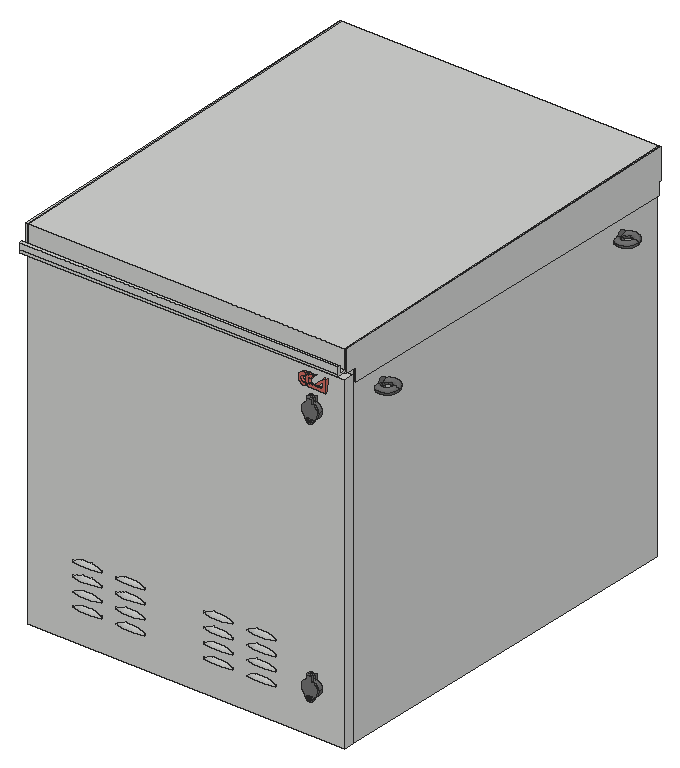
Revit family "Шкафы климатические навесные (с крышей)", category Обобщенные модели, Revit 2019
Family settings
  Может служить основой для арматурных стержней = Нет
  Размер круглого соединителя = Использовать диаметр
  Тип детали = Нормальный
  На основе рабочей плоскости = Нет
  Всегда вертикально = Да
  При загрузке вырезать с полостями = Нет
  Общий = Нет
  Точка расчета площади = Нет
Parameters (values of type "ШКТ-НВ-2-15U (700х800мм)")
  Толщина 5 = 5 mm  # constant formula
  Толщина 4 = 4 mm  # constant formula
  Толщина 25 = 25 mm  # constant formula
  Толщина 2 = 2 mm  # constant formula
  Толщина -4 = -4 mm  # constant formula
  Смещение от уровня [instance] = 300 mm
  Описание = "Шкаф климатический телекоммуникационный навесной ШКТ-НВ-2-15U-600-800 с крышей ССД"
  Ноль = 0 mm  # constant formula
  Материал крепежей = Металл черный
  Материал букв = Металл красный
  Материал Каркаса = RAL 7035
  ADSK_Этаж [instance] = ""
  ADSK_Размер_Ширина = 700 mm
  ADSK_Размер_Глубина = 859 mm
  ADSK_Размер_Высота = 810 mm
  ADSK_Примечание [instance] = ""
  ADSK_Предел огнестойкости = ""
  ADSK_Позиция [instance] = ""
  ADSK_Обозначение = ""
  ADSK_Наименование краткое = "ШКТ-НВ-2-15U (700х800мм)"
  ADSK_Наименование = "Шкаф климатический телекоммуникационный навесной ШКТ-НВ-2-15U-600-800 с крышей ССД"
  ADSK_Масса_Текст = ""
  ADSK_Марка [instance] = ""
  ADSK_Количество [instance] = 1  # constant formula
  ADSK_Код изделия = "130411-00898"
  ADSK_Зона = ""
  ADSK_Завод-изготовитель = "АО СВЯЗЬСТРОЙДЕТАЛЬ"  # constant formula
  ADSK_Единица измерения = "шт"  # constant formula
  ADSK_URL страницы изделия = "Шкаф климатический телекоммуникационный навесной ШКТ-НВ-2-15U-600-800 с крышей ССД ( 130411-00898 ) (ssd.ru)"
  ADSK_URL документации изделия = "sert_shkt.PDF (ssd.ru)"
Types (9, lengths in mm): name | Описание | ADSK_Размер_Глубина | ADSK_Размер_Высота | ADSK_Наименование краткое | ADSK_Наименование | ADSK_Код изделия | ADSK_URL страницы изделия
  ШКТ-НВ-2-12U (700х500 мм) | "Шкаф климатический телекоммуникационный навесной ШКТ-НВ-2-12U-600-500 с крышей ССД" | 559 | 677 | "ШКТ-НВ-2-12U (700х500мм)" | "Шкаф климатический телекоммуникационный навесной ШКТ-НВ-2-12U-600-500 с крышей ССД" | "130411-00890" | "Шкаф климатический телекоммуникационный навесной ШКТ-НВ-2-12U-600-500 с крышей ССД ( 130411-00890 ) (ssd.ru)"
  ШКТ-НВ-2-12U (700х600 мм) | "Шкаф климатический телекоммуникационный навесной ШКТ-НВ-2-12U-600-600 с крышей ССД" | 659 | 677 | "ШКТ-НВ-2-12U (700х600мм)" | "Шкаф климатический телекоммуникационный навесной ШКТ-НВ-2-12U-600-600 с крышей ССД" | "130411-00891" | "Шкаф климатический телекоммуникационный навесной ШКТ-НВ-2-12U-600-600 с крышей ССД ( 130411-00891 ) (ssd.ru)"
  ШКТ-НВ-2-12U (700х800 мм) | "Шкаф климатический телекоммуникационный навесной ШКТ-НВ-2-12U-600-800 с крышей ССД" | 859 | 677 | "ШКТ-НВ-2-12U (700х800мм)" | "Шкаф климатический телекоммуникационный навесной ШКТ-НВ-2-12U-600-800 с крышей ССД" | "130411-00896" | "Шкаф климатический телекоммуникационный навесной ШКТ-НВ-2-12U-600-800 с крышей ССД ( 130411-00896 ) (ssd.ru)"
  ШКТ-НВ-2-15U (700х500мм) | "Шкаф климатический телекоммуникационный навесной ШКТ-НВ-2-15U-600-500 с крышей ССД" | 559 | 810 | "ШКТ-НВ-2-15U (700х500мм)" | "Шкаф климатический телекоммуникационный навесной ШКТ-НВ-2-15U-600-500 с крышей ССД" | "130411-00892" | "Шкаф климатический телекоммуникационный навесной ШКТ-НВ-2-15U-600-500 с крышей ССД ( 130411-00892 ) (ssd.ru)"
  ШКТ-НВ-2-15U (700х600мм) | "Шкаф климатический телекоммуникационный навесной ШКТ-НВ-2-15U-600-600 с крышей ССД" | 659 | 810 | "ШКТ-НВ-2-15U (700х600мм)" | "Шкаф климатический телекоммуникационный навесной ШКТ-НВ-2-15U-600-600 с крышей ССД" | "130411-00893" | "Шкаф климатический телекоммуникационный навесной ШКТ-НВ-2-15U-600-600 с крышей ССД ( 130411-00893 ) (ssd.ru)"
  ШКТ-НВ-2-15U (700х800мм) | "Шкаф климатический телекоммуникационный навесной ШКТ-НВ-2-15U-600-800 с крышей ССД" | 859 | 810 | "ШКТ-НВ-2-15U (700х800мм)" | "Шкаф климатический телекоммуникационный навесной ШКТ-НВ-2-15U-600-800 с крышей ССД" | "130411-00898" | "Шкаф климатический телекоммуникационный навесной ШКТ-НВ-2-15U-600-800 с крышей ССД ( 130411-00898 ) (ssd.ru)"
  ШКТ-НВ-2-18U (700х500мм) | "Шкаф климатический телекоммуникационный навесной ШКТ-НВ-2-18U-600-500 с крышей ССД" | 559 | 943 | "ШКТ-НВ-2-18U (700х500мм)" | "Шкаф климатический телекоммуникационный навесной ШКТ-НВ-2-18U-600-500 с крышей ССД" | "130411-00894" | "Шкаф климатический телекоммуникационный навесной ШКТ-НВ-2-18U-600-500 с крышей ССД ( 130411-00894 ) (ssd.ru)"
  ШКТ-НВ-2-18U (700х600мм) | "Шкаф климатический телекоммуникационный навесной ШКТ-НВ-2-18U-600-600 с крышей ССД" | 659 | 943 | "ШКТ-НВ-2-18U (700х600мм)" | "Шкаф климатический телекоммуникационный навесной ШКТ-НВ-2-18U-600-600 с крышей ССД" | "130411-00895" | "Шкаф климатический телекоммуникационный навесной ШКТ-НВ-2-18U-600-600 с крышей ССД ( 130411-00895 ) (ssd.ru)"
  ШКТ-НВ-2-18U (700х800мм) | "Шкаф климатический телекоммуникационный навесной ШКТ-НВ-2-18U-600-800 с крышей ССД" | 853 | 943 | "ШКТ-НВ-2-18U (700х800мм)" | "Шкаф климатический телекоммуникационный навесной ШКТ-НВ-2-18U-600-800 с крышей ССД" | "130411-00897" | "Шкаф климатический телекоммуникационный навесной ШКТ-НВ-2-18U-600-800 с крышей ССД ( 130411-00897 ) (ssd.ru)"
Reference planes
  plane 1 "тттт": y = 0
  plane 2: z = 0
  plane 3 "УУУУ": x = 0
  plane 4: y = -158
  plane 5: y = 158
  plane 6 "4": y = 429.5
  plane 7: y = -429.5
  plane 8 "1": x = -350
  plane 9 "2": x = 350
  plane 10 "ЕПП": z = 300
  plane 11: z = 1110
  plane 12 "ЕП": z = 1042
  plane 13: y = -407.5
  plane 14 "3": y = -404.5
  plane 15: z = 1089
  plane 16: z = 1015
  plane 17: z = 976
  plane 18: y = -329.5
  plane 19: y = 329.5
  plane 20: x = -218
  plane 21: x = -123
  plane 22: x = 166
  plane 23: x = 281
  plane 24: x = 71
  plane 25: z = 368
  plane 26: z = 398
  plane 27: z = 428
  plane 28: z = 458
  plane 29: z = 946
Forms (mm)
  Extrusion 1, void, not visible, detail levels fine
    sketch origin (-20, 0, 0) x (1, 0, 0) y (0, 0, 1)
      loop
        arc (-281.999, 290) -> (-261.999, 270) -> (-241.999, 290) r 20
        line (-241.999, 290) -> (-241.999, 370)
        arc (-241.999, 370) -> (-261.999, 390) -> (-281.999, 370) r 20
        line (-281.999, 370) -> (-281.999, 290)
    from 90 to 190
  Extrusion 2, void, not visible
    sketch origin (-20, 0, 225) x (1, 0, 0) y (0, 0, 1)
      loop
        circle (-261.999, 215) r 6.5
    from 90 to 190
  Extrusion 3, void, not visible, detail levels fine
    sketch origin (20, 0, 0) x (-1, 0, 0) y (0, 0, -1)
      loop
        line (-281.999, -290) -> (-281.999, -370)
        arc (-281.999, -370) -> (-261.999, -390) -> (-241.999, -370) r 20
        line (-241.999, -370) -> (-241.999, -290)
        arc (-241.999, -290) -> (-261.999, -270) -> (-281.999, -290) r 20
    from 90 to 190
  Extrusion 4, void, not visible
    sketch origin (20, 0, 225) x (-1, 0, 0) y (0, 0, -1)
      loop
        circle (-261.999, -215) r 6.5
    from 90 to 190
  Extrusion 5, void, not visible
    sketch origin (0, 0, 220) x (0, 1, 0) y (0, 0, 1)
      loop
        circle (-102, 220) r 3.036
      loop
        circle (-172.959, 220) r 3.036
      loop
        circle (-122, 237) r 3.036
      loop
        circle (-157.959, 237) r 3.036
      loop
        circle (-121.964, 203) r 3.036
      loop
        circle (-158.036, 203) r 3.036
      loop
        arc (-162.48, 75) -> (-137.48, 50) -> (-112.48, 75) r 25
        line (-112.48, 75) -> (-112.48, 145)
        arc (-112.48, 145) -> (-137.48, 170) -> (-162.48, 145) r 25
        line (-162.48, 145) -> (-162.48, 75)
    from -312 to 312
  Extrusion 6, solid, material "RAL 7035" <- "Материал Каркаса", detail levels medium+fine
    sketch origin (-350, 0, 0) x (0, 1, 0) y (0, 0, 1)
      loop
        line (429.5, 1042) -> (-404.5, 1042) -> (-404.5, 300) -> (429.5, 300) -> (429.5, 1042)
    from 0 to 4 <- "Толщина 4"
  Extrusion 7, solid, material "RAL 7035" <- "Материал Каркаса", detail levels medium+fine
    sketch origin (-350, 0, 0) x (0, 1, 0) y (0, 0, 1)
      loop
        line (429.5, 1015) -> (429.5, 1042) -> (434.5, 1042) -> (434.5, 1110.233) -> (-429.5, 1089) -> (-429.5, 1042) -> (-404.5, 1042) -> (-404.5, 1015) -> (429.5, 1015)
    from 0 to -4 <- "Толщина -4"
  Extrusion 8, solid, material "RAL 7035" <- "Материал Каркаса", detail levels medium+fine
    sketch origin (350, 0, 0) x (0, 1, 0) y (0, 0, 1)
      loop
        line (429.5, 300) -> (429.5, 1042) -> (-404.5, 1042) -> (-404.5, 300) -> (429.5, 300)
    from 0 to -4 <- "Толщина -4"
  Extrusion 9, solid, material "RAL 7035" <- "Материал Каркаса", detail levels medium+fine
    sketch origin (350, 0, 0) x (0, 1, 0) y (0, 0, 1)
      loop
        line (-404.5, 1042) -> (-404.5, 1015) -> (429.5, 1015) -> (429.5, 1042) -> (434.5, 1042) -> (434.5, 1110) -> (-429.5, 1089) -> (-429.5, 1042) -> (-404.5, 1042)
    from 0 to 4 <- "Толщина 4"
  Extrusion 10, solid, material "RAL 7035" <- "Материал Каркаса", detail levels medium+fine
    sketch origin (-350, 0, 0) x (0, 1, 0) y (0, 0, 1)
      loop
        line (434.5, 1042) -> (434.5, 1110.233) -> (-429.5, 1089) -> (-429.5, 1047) -> (-445.5, 1047) -> (-445.5, 1062) -> (-450.5, 1062) -> (-450.5, 1047) -> (-450.5, 1042) -> (-424.5, 1042) -> (-424.5, 1084.121) -> (429.5, 1105.109) -> (429.5, 1042) -> (434.5, 1042)
    from 0 to 700
  Extrusion 11, solid, material "RAL 7035" <- "Материал Каркаса", detail levels medium+fine
    sketch origin (0, 0, 0) x (1, 0, 0) y (0, 0, 1)
      loop
        line (-350, 1028) -> (-350, 300) -> (350, 300) -> (350, 1028) -> (-350, 1028)
    from 407.5 to 429.5
  Extrusion 12, solid, material "RAL 7035" <- "Материал Каркаса", detail levels medium+fine
    sketch origin (0, -404.5, 0) x (0, 0, 1) y (-1, 0, 0)
      loop
        line (1042, 354) -> (1015, 354) -> (1015, -354) -> (1042, -354) -> (1042, 354)
    from 0 to 2 <- "Толщина 2"
  Extrusion 13, solid, material "RAL 7035" <- "Материал Каркаса", detail levels medium+fine
    sketch origin (0, 429.5, 0) x (-1, 0, 0) y (0, 0, 1)
      loop
        line (350, 300) -> (350, 1042) -> (-350, 1042) -> (-350, 300) -> (350, 300)
    from 0 to -4 <- "Толщина -4"
  Extrusion 14, solid, material "RAL 7035" <- "Материал Каркаса", detail levels medium+fine
    sketch origin (0, 0, 300) x (-1, 0, 0) y (0, -1, 0)
      loop
        line (-350, -429.5) -> (350, -429.5) -> (350, 404.5) -> (-350, 404.5) -> (-350, -429.5)
    from 0 to 4 <- "Толщина 4"
  Extrusion 15, solid, material "Металл белый", detail levels coarse
    sketch origin (0, 0, 0) x (1, 0, 0) y (0, 1, 0)
      loop
        line (-350, 429.5) -> (-350, -429.5) -> (350, -429.5) -> (350, 429.5) -> (-350, 429.5)
    from 300 to 1110
Cuts and joins
  joined: Extrusion 7, Extrusion 9, Extrusion 12
  joined: Extrusion 6, Extrusion 8, Extrusion 13, Extrusion 14
Dimensions and locks
  equal spacing: plane 8 "1", plane 3 "УУУУ", plane 9 "2"
  equal spacing: plane 6 "4", plane 1 "тттт", plane 7
  "ADSK_Размер_Глубина": plane 6 "4" to plane 7
  "ADSK_Размер_Ширина": plane 8 "1" to plane 9 "2"
  "Смещение от уровня": plane 10 "ЕПП" to level
  "ADSK_Размер_Высота": plane 10 "ЕПП" to plane 11
  locked: plane 12 "ЕП" to plane 11 at 68
  locked: plane 13 to plane 7 at 22
  locked: plane 14 "3" to plane 13 at 3
  locked: plane 12 "ЕП" to plane 15 at 47
  locked: plane 16 to plane 12 "ЕП" at 27
  locked: plane 17 to plane 16 at 39
  locked: plane 6 "4" to plane 19 at 100
  locked: plane 18 to plane 7 at 100
  locked: Extrusion 7 sketch curve to plane 6 "4" at 5
  locked: Extrusion 9 sketch curve to plane 6 "4" at 5
  Extrusion 7 to plane 6 "4" = 5 mm
  "Толщина 5": Extrusion 10 sketch curve to Extrusion 7  (x2)
  "Толщина 5": Extrusion 7 to Extrusion 10 sketch curve
  "Толщина 5": Extrusion 10 sketch curve to Extrusion 10 sketch curve  (x3)
  "Толщина 5": Extrusion 10 sketch curve to plane 6 "4"
  locked: Extrusion 10 sketch curve to Extrusion 10 sketch curve at 5
  locked: Extrusion 10 sketch curve to Extrusion 10 sketch curve at 15
  locked: plane 12 "ЕП" to Extrusion 11 sketch curve at 14
  locked: plane 20 to plane 8 "1" at 132
  locked: plane 21 to plane 20 at 95
  locked: plane 9 "2" to plane 23 at 69
  locked: plane 23 to plane 22 at 115
  locked: plane 22 to plane 24 at 95
  locked: plane 25 to plane 10 "ЕПП" at 68
  locked: plane 26 to plane 25 at 30
  locked: plane 27 to plane 26 at 30
  locked: plane 28 to plane 27 at 30
  locked: plane 17 to plane 29 at 30
  aligned and locked: level to plane 2
  aligned and locked: Extrusion 6 sketch curve to plane 12 "ЕП"
  aligned and locked: plane 6 "4" to Extrusion 6 sketch curve
  aligned and locked: plane 10 "ЕПП" to Extrusion 6 sketch curve
  aligned and locked: plane 14 "3" to Extrusion 6 sketch curve
  aligned and locked: Extrusion 6 to plane 8 "1"
  aligned and locked: plane 7 to Extrusion 7 sketch curve
  aligned and locked: Extrusion 7 sketch curve to plane 14 "3"
  aligned and locked: plane 12 "ЕП" to Extrusion 7 sketch curve  (x2)
  aligned and locked: plane 16 to Extrusion 7 sketch curve
  aligned and locked: Extrusion 7 sketch curve to plane 15
  aligned and locked: plane 8 "1" to Extrusion 7
  aligned and locked: plane 12 "ЕП" to Extrusion 8 sketch curve
  aligned and locked: Extrusion 8 sketch curve to plane 6 "4"
  aligned and locked: plane 14 "3" to Extrusion 8 sketch curve
  aligned and locked: plane 10 "ЕПП" to Extrusion 8 sketch curve
  aligned and locked: plane 9 "2" to Extrusion 8
  aligned and locked: Extrusion 9 sketch curve to plane 15
  aligned and locked: Extrusion 9 sketch curve to plane 7
  aligned and locked: Extrusion 9 sketch curve to plane 12 "ЕП"
  aligned and locked: plane 6 "4" to Extrusion 9 sketch curve
  aligned and locked: Extrusion 9 sketch curve to plane 16
  aligned and locked: Extrusion 9 sketch curve to plane 14 "3"
  aligned and locked: plane 12 "ЕП" to Extrusion 9 sketch curve
  aligned and locked: Extrusion 9 to plane 9 "2"
  aligned and locked: Extrusion 7 sketch curve to plane 6 "4"
  aligned and locked: plane 9 "2" to Extrusion 10
  aligned and locked: Extrusion 10 to plane 8 "1"
  aligned and locked: Extrusion 10 sketch curve to plane 15
  aligned and locked: plane 12 "ЕП" to Extrusion 10 sketch curve
  aligned and locked: Extrusion 10 sketch curve to plane 12 "ЕП"
  aligned and locked: Extrusion 11 sketch curve to plane 10 "ЕПП"
  aligned and locked: Extrusion 11 sketch curve to plane 9 "2"
  aligned and locked: plane 8 "1" to Extrusion 11 sketch curve
  aligned and locked: plane 7 to Extrusion 11
  aligned and locked: Extrusion 11 to plane 13
  aligned and locked: Extrusion 12 sketch curve to Extrusion 9
  aligned and locked: Extrusion 12 sketch curve to Extrusion 7
  aligned and locked: plane 12 "ЕП" to Extrusion 12 sketch curve
  aligned and locked: Extrusion 12 sketch curve to plane 16
  aligned and locked: Extrusion 12 to plane 14 "3"
  aligned and locked: Extrusion 13 sketch curve to Extrusion 6  (x2)
  aligned and locked: Extrusion 13 sketch curve to Extrusion 10
  aligned and locked: Extrusion 13 sketch curve to Extrusion 8
  aligned and locked: Extrusion 13 to plane 6 "4"
  aligned and locked: plane 6 "4" to cut or joined group of Extrusion 6, Extrusion 8, Extrusion 13, Extrusion 14
  aligned and locked: Extrusion 14 sketch curve to cut or joined group of Extrusion 6, Extrusion 8, Extrusion 13, Extrusion 14  (x2)
  aligned and locked: Extrusion 11 to Extrusion 14 sketch curve
  aligned and locked: Extrusion 14 sketch curve to plane 14 "3"
  aligned and locked: plane 10 "ЕПП" to Extrusion 14
  aligned and locked: plane 8 "1" to nested 1
  aligned and locked: plane 9 "2" to nested 3
  aligned and locked: plane 9 "2" to nested 2
  aligned and locked: plane 19 to nested 1
  aligned and locked: plane 17 to nested 1
  aligned and locked: plane 17 to nested 4
  aligned and locked: nested 3 to plane 19
  aligned and locked: nested 2 to plane 18
  aligned and locked: nested 2 to plane 17
  aligned and locked: nested 3 to plane 17
  aligned and locked: plane 7 to nested 9
  aligned and locked: plane 7 to nested 8
  aligned and locked: plane 7 to nested 7
  aligned and locked: plane 7 to nested 6
  aligned and locked: plane 7 to nested 5
  aligned and locked: plane 25 to nested 5
  aligned and locked: nested 5 to plane 25
  aligned and locked: plane 20 to nested 5
  aligned and locked: plane 21 to nested 6
  aligned and locked: plane 24 to nested 7
  aligned and locked: plane 22 to nested 8
  aligned and locked: plane 23 to nested 9
  aligned and locked: plane 26 to nested 9
  aligned and locked: plane 25 to nested 6
  aligned and locked: plane 25 to nested 7
  aligned and locked: plane 25 to nested 8
  aligned and locked: plane 20 to nested 10
  aligned and locked: plane 20 to nested 14
  aligned and locked: plane 20 to nested 18
  aligned and locked: plane 21 to nested 19
  aligned and locked: plane 21 to nested 15
  aligned and locked: plane 21 to nested 11
  aligned and locked: plane 24 to nested 20
  aligned and locked: plane 24 to nested 16
  aligned and locked: plane 24 to nested 12
  aligned and locked: plane 22 to nested 21
  aligned and locked: plane 22 to nested 17
  aligned and locked: plane 22 to nested 13
  aligned and locked: plane 26 to nested 10
  aligned and locked: plane 26 to nested 11
  aligned and locked: plane 26 to nested 12
  aligned and locked: plane 26 to nested 13
  aligned and locked: plane 27 to nested 14
  aligned and locked: plane 27 to nested 15
  aligned and locked: plane 27 to nested 16
  aligned and locked: plane 27 to nested 17
  aligned and locked: plane 28 to nested 18
  aligned and locked: plane 28 to nested 19
  aligned and locked: plane 28 to nested 20
  aligned and locked: plane 28 to nested 21
  aligned and locked: plane 7 to nested 18
  aligned and locked: plane 7 to nested 19
  aligned and locked: plane 7 to nested 20
  aligned and locked: plane 7 to nested 21
  aligned and locked: plane 7 to nested 14
  aligned and locked: plane 7 to nested 15
  aligned and locked: plane 7 to nested 16
  aligned and locked: plane 7 to nested 17
  aligned and locked: plane 7 to nested 10
  aligned and locked: plane 7 to nested 11
  aligned and locked: plane 7 to nested 12
  aligned and locked: plane 7 to nested 13
  aligned and locked: plane 23 to nested 22
  aligned and locked: plane 8 "1" to nested 4
  aligned and locked: plane 7 to nested 22
  aligned and locked: plane 18 to nested 4
  aligned and locked: nested 1 to plane 19
  aligned and locked: plane 7 to nested 23
  aligned and locked: plane 29 to nested 22
  aligned and locked: plane 23 to nested 23
  aligned and locked: plane 16 to nested 23
  aligned and locked: Extrusion 15 sketch curve to plane 6 "4"
  aligned and locked: Extrusion 15 sketch curve to cut or joined group of Extrusion 6, Extrusion 8, Extrusion 13, Extrusion 14
  aligned and locked: Extrusion 15 sketch curve to Extrusion 10  (x2)
  aligned and locked: Extrusion 15 to plane 11
  aligned and locked: plane 10 "ЕПП" to Extrusion 15
Automatic sketch dimensions
  plane 11 to Extrusion 9 sketch curve = 0 mm
  Extrusion 7 sketch curve to plane 11 = 0.233 mm
  plane 7 to Extrusion 10 sketch curve = 16 mm
  Extrusion 10 sketch curve to Extrusion 10 sketch curve = 5 mm
Nested families
  nested 1: "Кольцо" at (-363.034, 329.5, 976), Материал <- "Материал крепежей", type "Кольцо", detail levels fine
    with Материал Металл черный
  nested 2: "Кольцо" at (363.034, -329.5, 976) x (-1, 0, 0) z (0, 0, 1), Материал <- "Материал крепежей", type "Кольцо", detail levels fine
    with Материал Металл черный
  nested 3: "Кольцо" at (363.034, 329.5, 976) x (-1, 0, 0) z (0, 0, 1), Материал <- "Материал крепежей", type "Кольцо", detail levels fine
    with Материал Металл черный
  nested 4: "Кольцо" at (-363.034, -329.5, 976), Материал <- "Материал крепежей", type "Кольцо", detail levels fine
    with Материал Металл черный
  nested 5: "Впадина" at (-218, -429.5, 368), Материал <- "Материал Каркаса", type "Впадина", detail levels fine
    with Материал RAL 7035
  nested 6: "Впадина" at (-123, -429.5, 368), Материал <- "Материал Каркаса", type "Впадина", detail levels fine
    with Материал RAL 7035
  nested 7: "Впадина" at (71, -429.5, 368), Материал <- "Материал Каркаса", type "Впадина", detail levels fine
    with Материал RAL 7035
  nested 8: "Впадина" at (166, -429.5, 368), Материал <- "Материал Каркаса", type "Впадина", detail levels fine
    with Материал RAL 7035
  nested 9: "Ручка" at (281, -429.5, 398), Материал <- "Материал крепежей", type "Ручка", detail levels medium+fine
    with Материал Металл черный
  nested 10: "Впадина" at (-218, -429.5, 398), Материал <- "Материал Каркаса", type "Впадина", detail levels fine
    with Материал RAL 7035
  nested 11: "Впадина" at (-123, -429.5, 398), Материал <- "Материал Каркаса", type "Впадина", detail levels fine
    with Материал RAL 7035
  nested 12: "Впадина" at (71, -429.5, 398), Материал <- "Материал Каркаса", type "Впадина", detail levels fine
    with Материал RAL 7035
  nested 13: "Впадина" at (166, -429.5, 398), Материал <- "Материал Каркаса", type "Впадина", detail levels fine
    with Материал RAL 7035
  nested 14: "Впадина" at (-218, -429.5, 428), Материал <- "Материал Каркаса", type "Впадина", detail levels fine
    with Материал RAL 7035
  nested 15: "Впадина" at (-123, -429.5, 428), Материал <- "Материал Каркаса", type "Впадина", detail levels fine
    with Материал RAL 7035
  nested 16: "Впадина" at (71, -429.5, 428), Материал <- "Материал Каркаса", type "Впадина", detail levels fine
    with Материал RAL 7035
  nested 17: "Впадина" at (166, -429.5, 428), Материал <- "Материал Каркаса", type "Впадина", detail levels fine
    with Материал RAL 7035
  nested 18: "Впадина" at (-218, -429.5, 458), Материал <- "Материал Каркаса", type "Впадина", detail levels fine
    with Материал RAL 7035
  nested 19: "Впадина" at (-123, -429.5, 458), Материал <- "Материал Каркаса", type "Впадина", detail levels fine
    with Материал RAL 7035
  nested 20: "Впадина" at (71, -429.5, 458), Материал <- "Материал Каркаса", type "Впадина", detail levels fine
    with Материал RAL 7035
  nested 21: "Впадина" at (166, -429.5, 458), Материал <- "Материал Каркаса", type "Впадина", detail levels fine
    with Материал RAL 7035
  nested 22: "Ручка" at (281, -429.5, 946), Материал <- "Материал крепежей", type "Ручка", detail levels medium+fine
    with Материал Металл черный
  nested 23: "ССД" at (281, -429.5, 989), Материал <- "Материал букв", type "ССД", detail levels fine
    with Материал Металл красный
Definition of nested family "Кольцо"
  Parameters (values of type "Кольцо")
    Материал [instance] = none
  Reference planes
    plane 1 "TTT": y = 0
    plane 2: z = 0
    plane 3 "По центру (Влево/Вправо)": x = 0
    plane 4 "еее": x = 13.034
    plane 5: x = 19.034
    plane 6: x = 29.034
    plane 7: y = 12.878
    plane 8: y = -12.878
    plane 9: z = -12.67
    plane 10: z = 12.67
    plane 11: y = 17.878
    plane 12: y = -18.122
  Forms (mm)
    Revolve 1, solid, material <- "Материал"
      sketch origin (0, 0, -26) x (1, 0, 0) y (0, 0, 1)
        loop
          circle (18.5, 26) r 6
        axis (0, 26) -> (0, 27)
      angle from 0 to 360
    Extrusion 2, solid, material <- "Материал"
      sketch origin (0, 0, 0) x (0, 1, 0) y (0, 0, 1)
        loop
          circle (0, 0) r 12.878
      from 13.034 to 19.034
  Cuts and joins
    joined: Revolve 1, Extrusion 2
  Lines and regions (mm)
    symbolic lines
      curve 1: line (-25, 0, 0) -> (25, 0, 0)
      curve 2: line (19.04, 12.878, 0) -> (19.04, -13.071, 0)
      curve 3: line (24.034, 0, 0) -> (0, 0, 0)
      curve 4: line (0, 17.878, 0) -> (0, -18.122, 0)
  Dimensions and locks
    locked: plane 4 "еее" to plane 5 at 6
    locked: plane 3 "По центру (Влево/Вправо)" to plane 4 "еее" at 13.034
    locked: plane 5 to plane 6 at 10
    equal spacing: plane 8, plane 1 "TTT", plane 7
    locked: plane 8 to plane 7 at 25.757
    equal spacing: plane 10, level, plane 9
    plane 10 to plane 9 = 25.34 mm
    locked: plane 7 to plane 11 at 5
    locked: plane 12 to plane 8 at 5.243
    aligned and locked: level to plane 2
    aligned and locked: plane 3 "По центру (Влево/Вправо)" to Revolve 1 sketch curve
    aligned and locked: curve 1 to level
    aligned and locked: level to Extrusion 2 sketch curve
    aligned and locked: plane 1 "TTT" to Extrusion 2 sketch curve
    aligned and locked: Extrusion 2 to plane 4 "еее"
    aligned and locked: plane 5 to Extrusion 2
    aligned and locked: curve 4 to level
  Automatic sketch dimensions
    Revolve 1 sketch curve to plane 5 = 0.534 mm
    Revolve 1 sketch curve to level = 0 mm  (x2)
    plane 10 to Revolve 1 sketch curve = 10 mm
    curve 1 to plane 3 "По центру (Влево/Вправо)" = 25 mm
    curve 1 to plane 6 = 4.034 mm
    plane 1 "TTT" to curve 3 = 0 mm
    curve 3 to plane 3 "По центру (Влево/Вправо)" = 0 mm
    plane 7 to curve 2 = 0 mm
    plane 5 to curve 2 = 0.006 mm
    plane 5 to curve 3 = 5 mm
    plane 8 to curve 2 = 0.193 mm
    curve 4 to plane 12 = 0 mm
    curve 4 to plane 11 = 0 mm
    radius of Revolve 1 sketch curve = 6 mm
    radius of Extrusion 2 sketch curve = 12.878 mm
Definition of nested family "Впадина"
  Parameters (values of type "Впадина")
    Материал [instance] = none
    ADSK_Размер_Ширина = 64 mm
  Reference planes
    plane 1 "По центру (Вперед/Назад)": y = 0
    plane 2: z = 0
    plane 3 "По центру (Влево/Вправо)": x = 0
    plane 4: y = -5
    plane 5: x = -32
    plane 6: x = 32
  Forms (mm)
    Sweep 1, solid, material <- "Материал"
      path origin (0, 0, 0) x (1, 0, 0) y (0, 1, 0)
        loop
          arc (-32, 0) -> (0, -5) -> (32, 0) r 104.9
      profile origin (0, -5, 0) x (0, 1, 0) y (0, 0, 1)
        loop
          line (0, 0) -> (1.008, 0)
          arc (1.008, 0) -> (2.037, 5.808) -> (5, 10.909) r 16.9
          line (5, 10.909) -> (5, 12)
          arc (5, 12) -> (1.3, 6.5) -> (0, 0) r 16.9
  Lines and regions (mm)
    symbolic lines
      curve 1: line (-32, 0, 0) -> (32, 0, 0)
      curve 2: line (0, 0, 0) -> (0, -5, 0)
      curve 3: line (-32, 0, 0) -> (32, 0, 0)
  Dimensions and locks
    equal spacing: plane 5, plane 3 "По центру (Влево/Вправо)", plane 6
    "ADSK_Размер_Ширина": plane 5 to plane 6
    plane 4 to plane 1 "По центру (Вперед/Назад)" = 5 mm
    aligned and locked: level to plane 2
    aligned and locked: plane 5 to Sweep 1 sketch curve
    aligned and locked: plane 1 "По центру (Вперед/Назад)" to Sweep 1 sketch curve  (x3)
    aligned and locked: plane 6 to Sweep 1 sketch curve
    aligned and locked: plane 1 "По центру (Вперед/Назад)" to curve 1
    aligned and locked: curve 2 to plane 3 "По центру (Влево/Вправо)"
    aligned and locked: curve 3 to plane 2
  Automatic sketch dimensions
    Sweep 1 sketch curve to plane 1 "По центру (Вперед/Назад)" = 99.9 mm
    Sweep 1 sketch curve to profile plane = 0 mm
    Sweep 1 sketch curve to level = 0 mm
    Sweep 1 sketch curve to Sweep 1 sketch curve = 11.9 mm
    Sweep 1 sketch curve to Sweep 1 sketch curve = 1.008 mm
    Sweep 1 sketch curve to Sweep 1 sketch curve = 1.091 mm
    curve 1 to plane 5 = 0 mm
    curve 1 to plane 6 = 0 mm
    curve 2 to plane 4 = 0 mm
    curve 3 to plane 5 = 0 mm
    curve 3 to plane 6 = 0 mm
Definition of nested family "Ручка"
  Parameters (values of type "Ручка")
    Материал [instance] = none
  Reference planes
    plane 1 "TTT": y = 0
    plane 2: z = 0
    plane 3 "По центру (Влево/Вправо)": x = 0
    plane 4: x = -18
    plane 5: x = 18
    plane 6: y = -12
    plane 7: y = -10
    plane 8: x = 6.088
    plane 9: x = -6.088
  Forms (mm)
    Extrusion 1, solid, material <- "Материал"
      sketch origin (0, 0, 0) x (1, 0, 0) y (0, 0, 1)
        loop
          arc (11.195, -14.095) -> (0, 18) -> (-11.195, -14.095) r 18
          arc (-11.195, -14.095) -> (-10.22, -15.207) -> (-9.624, -16.562) r 4.859
          arc (-9.624, -16.562) -> (0, -24.75) -> (9.624, -16.562) r 9.75
          arc (9.624, -16.562) -> (10.22, -15.207) -> (11.195, -14.095) r 4.859
        loop
          circle (0, -15) r 1
        loop
          circle (-3.004, -15) r 1
        loop
          circle (-6.022, -15) r 1
        loop
          circle (3.004, -15) r 1
        loop
          circle (6.022, -15) r 1
        loop
          circle (-1.703, -18) r 1
        loop
          circle (-4.707, -18) r 1
        loop
          circle (1.703, -18) r 1
        loop
          circle (4.707, -18) r 1
        loop
          circle (0, -21.301) r 1
        loop
          circle (-3.004, -21.301) r 1
        loop
          circle (3.004, -21.301) r 1
      from 10 to 12
    Extrusion 2, solid, material <- "Материал"
      sketch origin (0, 0, 0) x (1, 0, 0) y (0, 0, 1)
        loop
          circle (0, 0) r 18
      from 0 to 10
    Extrusion 3, solid, material <- "Материал"
      sketch origin (0, 0, 0) x (0, 1, 0) y (0, 0, 1)
        loop
          line (0, 15.155) -> (0, 25.331)
          arc (0, 25.331) -> (-0.782, 27.218) -> (-2.669, 28) r 2.669
          line (-2.669, 28) -> (-9.331, 28)
          arc (-9.331, 28) -> (-11.218, 27.218) -> (-12, 25.331) r 2.669
          line (-12, 25.331) -> (-12, 15.299) -> (-10, 15.299) -> (-10, 25.331)
          arc (-10, 25.331) -> (-9.804, 25.804) -> (-9.331, 26) r 0.669
          line (-9.331, 26) -> (-2.669, 26)
          arc (-2.669, 26) -> (-2.196, 25.804) -> (-2, 25.331) r 0.669
          line (-2, 25.331) -> (-2, 15.155) -> (0, 15.155)
      from -6.088 to 6.088
  Cuts and joins
    joined: Extrusion 1, Extrusion 2, Extrusion 3
  Lines and regions (mm)
    symbolic lines
      curve 1: line (-25, 0, 0) -> (25, 0, 0)
      curve 2: line (-18, 0, 0) -> (18, 0, 0)
      curve 3: line (0, 0, 0) -> (0, -12, 0)
      curve 4: line (-18, 0, 0) -> (18, 0, 0)
      curve 5: line (0, 0, 0) -> (0, 0, 31.989)
  Dimensions and locks
    equal spacing: plane 5, plane 3 "По центру (Влево/Вправо)", plane 4
    plane 5 to plane 4 = 36 mm
    locked: plane 6 to plane 1 "TTT" at 12
    locked: plane 6 to plane 7 at 2
    equal spacing: plane 9, plane 3 "По центру (Влево/Вправо)", plane 8
    aligned and locked: level to plane 2
    aligned and locked: plane 6 to Extrusion 1
    aligned and locked: Extrusion 1 to plane 7
    aligned and locked: Extrusion 2 to plane 1 "TTT"
    aligned and locked: Extrusion 2 to Extrusion 1
    aligned and locked: Extrusion 3 to plane 9
    aligned and locked: plane 8 to Extrusion 3
  Automatic sketch dimensions
    Extrusion 1 sketch curve to Extrusion 1 sketch curve = 0 mm  (x10)
    Extrusion 1 sketch curve to plane 3 "По центру (Влево/Вправо)" = 0 mm  (x3)
    Extrusion 1 sketch curve to level = 0 mm
    Extrusion 1 sketch curve to plane 3 "По центру (Влево/Вправо)" = 1.703 mm
    Extrusion 1 sketch curve to plane 3 "По центру (Влево/Вправо)" = 3.004 mm  (x2)
    Extrusion 1 sketch curve to Extrusion 1 sketch curve = 3.004 mm  (x2)
    Extrusion 1 sketch curve to Extrusion 1 sketch curve = 3.019 mm  (x2)
    plane 4 to Extrusion 1 sketch curve = 3.682 mm
    plane 3 "По центру (Влево/Вправо)" to Extrusion 1 sketch curve = 1.703 mm
    plane 3 "По центру (Влево/Вправо)" to Extrusion 1 sketch curve = 3.004 mm  (x2)
    Extrusion 1 sketch curve to plane 5 = 3.682 mm
    Extrusion 1 sketch curve to Extrusion 1 sketch curve = 15 mm
    Extrusion 1 sketch curve to Extrusion 1 sketch curve = 2.818 mm  (x2)
    Extrusion 1 sketch curve to Extrusion 1 sketch curve = 3 mm  (x2)
    Extrusion 1 sketch curve to Extrusion 1 sketch curve = 3.301 mm
    Extrusion 1 sketch curve to Extrusion 1 sketch curve = 3.602 mm  (x2)
    Extrusion 1 sketch curve to Extrusion 1 sketch curve = 1.571 mm
    Extrusion 1 sketch curve to Extrusion 1 sketch curve = 3.723 mm
    Extrusion 2 sketch curve to level = 0 mm
    Extrusion 2 sketch curve to plane 3 "По центру (Влево/Вправо)" = 0 mm
    Extrusion 3 sketch curve to Extrusion 3 sketch curve = 0 mm  (x4)
    Extrusion 3 sketch curve to plane 6 = 0 mm
    Extrusion 3 sketch curve to plane 7 = 0 mm
    Extrusion 3 sketch curve to plane 1 "TTT" = 0 mm
    Extrusion 3 sketch curve to Extrusion 3 sketch curve = 0.669 mm  (x2)
    level to Extrusion 3 sketch curve = 15.155 mm
    Extrusion 3 sketch curve to Extrusion 3 sketch curve = 10.176 mm
    Extrusion 3 sketch curve to Extrusion 3 sketch curve = 10.032 mm
    plane 1 "TTT" to curve 2 = 0 mm
    curve 2 to plane 4 = 0 mm
    curve 3 to plane 3 "По центру (Влево/Вправо)" = 0 mm
    curve 2 to plane 5 = 0 mm
    plane 6 to curve 3 = 0 mm
    curve 4 to level = 0 mm
    curve 4 to plane 4 = 0 mm
    curve 5 to level = 0 mm
    curve 5 to plane 3 "По центру (Влево/Вправо)" = 0 mm
    curve 4 to plane 5 = 0 mm
    curve 1 to plane 4 = 7 mm
    plane 5 to curve 1 = 7 mm
    level to curve 5 = 31.989 mm
    radius of Extrusion 1 sketch curve = 1 mm  (x12)
    radius of Extrusion 2 sketch curve = 18 mm
Definition of nested family "ССД"
  Parameters (values of type "ССД")
    Материал [instance] = none
  Reference planes
    plane 1 "По центру (Вперед/Назад)": y = 0
    plane 2: z = 0
    plane 3 "По центру (Влево/Вправо)": x = 0
    plane 4: y = -5
    plane 5: z = 26
    plane 6: x = -29.984
    plane 7: x = 29.984
  Forms (mm)
    Extrusion 1, solid, material <- "Материал"
      sketch origin (-4.748, 0, -135.953) x (1, 0, 0) y (0, 0, 1)
        loop
          arc (-12.562, 161.735) -> (-25.455, 148.886) -> (-12.605, 135.993) r 12.871
          line (-12.605, 135.993) -> (-5.127, 135.993)
          arc (-5.127, 135.993) -> (-8.341, 138.928) -> (-10.997, 142.376) r 24.946
          line (-10.997, 142.376) -> (-12.584, 142.376)
          arc (-12.584, 142.376) -> (-19.072, 148.864) -> (-12.584, 155.352) r 6.488
          line (-12.584, 155.352) -> (-10.972, 155.352)
          arc (-10.972, 155.352) -> (-8.292, 158.804) -> (-5.051, 161.735) r 24.946
          line (-5.051, 161.735) -> (-12.562, 161.735)
        loop
          arc (3.387, 161.709) -> (-9.505, 148.859) -> (3.344, 135.967) r 12.871
          line (3.344, 135.967) -> (34.291, 135.915) -> (34.334, 161.666) -> (28.9, 161.666) -> (8.095, 144.25) -> (16.764, 144.25) -> (28.888, 154.399) -> (28.868, 142.307) -> (3.34, 142.35)
          arc (3.34, 142.35) -> (-3.122, 148.856) -> (3.377, 155.326) r 6.488
          line (3.377, 155.326) -> (4.978, 155.326)
          arc (4.978, 155.326) -> (7.657, 158.777) -> (10.898, 161.709) r 24.946
          line (10.898, 161.709) -> (3.387, 161.709)
      from 0 to 5
  Lines and regions (mm)
    symbolic lines
      curve 1: line (-29.984, 0, 0) -> (29.984, 0, 0)
      curve 2: line (-29.984, 0, 26) -> (29.984, 0, 26)
      curve 3: line (-29.984, 0, 0) -> (-29.984, 0, 26)
      curve 4: line (29.984, 0, 0) -> (-29.984, 0, 0)
      curve 5: line (29.984, 0, 26) -> (29.984, 0, 0)
    model lines
      curve 6: line (0, 0, 71) -> (0, 0, -21.787)
  Dimensions and locks
    locked: plane 1 "По центру (Вперед/Назад)" to plane 4 at 5
    locked: plane 5 to plane 2 at 26
    equal spacing: plane 7, plane 3 "По центру (Влево/Вправо)", plane 6
    locked: plane 7 to plane 6 at 59.968
    aligned and locked: level to plane 2
    aligned and locked: plane 1 "По центру (Вперед/Назад)" to curve 1
    aligned and locked: Extrusion 1 to plane 4
    aligned and locked: Extrusion 1 to plane 1 "По центру (Вперед/Назад)"
    aligned and locked: curve 2 to plane 5
    aligned and locked: plane 6 to curve 3
    aligned and locked: plane 2 to curve 4
    aligned and locked: curve 5 to plane 7
    aligned and locked: curve 6 to plane 3 "По центру (Влево/Вправо)"
  Automatic sketch dimensions
    curve 1 to plane 6 = 0 mm
    curve 1 to plane 7 = 0 mm
    Extrusion 1 sketch curve to Extrusion 1 sketch curve = 0 mm  (x6)
    Extrusion 1 sketch curve to plane 3 "По центру (Влево/Вправо)" = 17.331 mm
    Extrusion 1 sketch curve to Extrusion 1 sketch curve = 0.022 mm
    Extrusion 1 sketch curve to Extrusion 1 sketch curve = 1.587 mm
    Extrusion 1 sketch curve to Extrusion 1 sketch curve = 1.612 mm
    Extrusion 1 sketch curve to plane 3 "По центру (Влево/Вправо)" = 9.875 mm
    Extrusion 1 sketch curve to plane 3 "По центру (Влево/Вправо)" = 1.407 mm
    Extrusion 1 sketch curve to plane 3 "По центру (Влево/Вправо)" = 1.382 mm
    Extrusion 1 sketch curve to plane 3 "По центру (Влево/Вправо)" = 1.371 mm
    Extrusion 1 sketch curve to plane 3 "По центру (Влево/Вправо)" = 1.36 mm
    Extrusion 1 sketch curve to Extrusion 1 sketch curve = 1.601 mm
    Extrusion 1 sketch curve to Extrusion 1 sketch curve = 4.755 mm
    Extrusion 1 sketch curve to Extrusion 1 sketch curve = 1.902 mm
    Extrusion 1 sketch curve to Extrusion 1 sketch curve = 5.043 mm
    Extrusion 1 sketch curve to Extrusion 1 sketch curve = 0.878 mm
    Extrusion 1 sketch curve to Extrusion 1 sketch curve = 6.767 mm
    Extrusion 1 sketch curve to plane 7 = 8.785 mm
    Extrusion 1 sketch curve to plane 7 = 5.864 mm
    Extrusion 1 sketch curve to plane 7 = 5.844 mm
    Extrusion 1 sketch curve to plane 7 = 5.831 mm
    Extrusion 1 sketch curve to plane 7 = 0.44 mm
    Extrusion 1 sketch curve to plane 7 = 0.397 mm
    Extrusion 1 sketch curve to plane 5 = 26.038 mm
    Extrusion 1 sketch curve to Extrusion 1 sketch curve = 0.079 mm
    Extrusion 1 sketch curve to Extrusion 1 sketch curve = 5.898 mm
    Extrusion 1 sketch curve to Extrusion 1 sketch curve = 0.027 mm
    Extrusion 1 sketch curve to Extrusion 1 sketch curve = 0.494 mm
    Extrusion 1 sketch curve to Extrusion 1 sketch curve = 0.51 mm
    Extrusion 1 sketch curve to Extrusion 1 sketch curve = 6.383 mm
    Extrusion 1 sketch curve to Extrusion 1 sketch curve = 2.411 mm
    Extrusion 1 sketch curve to Extrusion 1 sketch curve = 6.488 mm  (x2)
    Extrusion 1 sketch curve to Extrusion 1 sketch curve = 12.092 mm
    Extrusion 1 sketch curve to Extrusion 1 sketch curve = 7.267 mm
    Extrusion 1 sketch curve to plane 3 "По центру (Влево/Вправо)" = 9.798 mm
    Extrusion 1 sketch curve to plane 3 "По центру (Влево/Вправо)" = 1.404 mm
    curve 6 to level = 21.787 mm
    plane 5 to curve 6 = 45 mm
